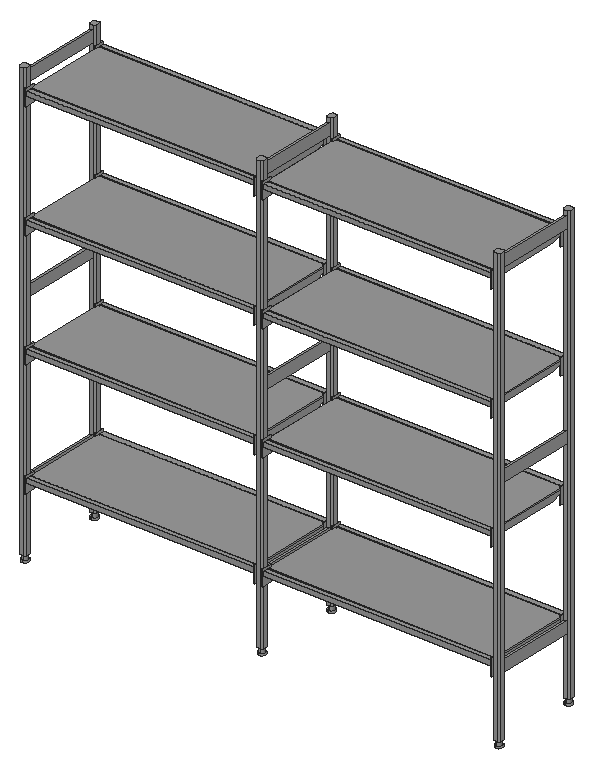
Revit family "QF_ELECTROLUXPROFESSIONAL_137022_ALS1872", category Attrezzature speciali, Revit 2020
Family settings
  Quota connettore circolare = Usa diametro
  Tipo di parte = Normale
  Basato su piano di lavoro = No
  Sempre verticale = Sì
  Taglio con vuoti quando caricato = No
  Condiviso = No
  Punto di calcolo locali = No
Parameters (values of type "Standard")
  Weight = 33.00 kg
  Watts = 0 W
  Volts = 0 V
  URL Manufacturer = "https://www.electroluxprofessional.com/"
  URL = "https://www.electroluxprofessional.com/"
  Steam Supply Size = 0 mm
  Steam Supply Minimum Pressure = 0.0 Pa
  Steam Supply Maximum Pressure = 0.0 Pa
  Steam Consumption per Hour = 0
  Refrigeration Suction Line Size = 0.0 mm
  Refrigeration Liquid Line Size = 0.0 mm
  Refrigerant Compressor Remote = yes
  Prospetto di default = 0.0 mm
  Phase = 0
  Modello = "ALS1872"
  Produttore = "Electrolux Professional"
  Length Actual = 1872.0 mm  # constant formula
  Item Number = "137022"
  Hot Water Size = 0 mm
  Height Actual = 1700.0 mm  # constant formula
  HP = "0 HP"
  Gas Size = 0 mm
  Gas KW = 0
  Gas Input Pressure = 0 W
  Direct Waste Size = 0 mm
  Descrizione = "ALUM.LINEAR SHELV.-POLY.TIERS-373X1872MM"
  Depth Actual = 373.0 mm  # constant formula
  Cycle = 0 Hz
  Condensate Return Size = 0 mm
  Compressed Air Volume = 0.0 L/s
  Compressed Air Size = 0 mm
  Compressed Air Pressure = 0.0 Pa
  Cold Water Size = 0 mm
  Accessory = yes
Reference planes
  plane 1: z = 0
  plane 2 "CenterLeft": x = -31
  plane 3 "LEFT": x = -417
  plane 4 "BACK": y = 23
  plane 5 "FRONT": y = -350
  plane 6 "TOP": z = 1700
  plane 7: x = -385
  plane 8: x = 501
  plane 9 "Center (Front/Back)": y = -163.5
  plane 10: y = -8.5
  plane 11: y = -318.5
  plane 12 "FEET": z = 25
  plane 13: z = 275
  plane 14: z = 725
  plane 15: z = 1175
  plane 16: z = 1625
  plane 17 "CXLeft": x = -403
  plane 18 "Center (Left/Right)": x = 519
  plane 19: y = 5.5
  plane 20 "CYBack": y = 5.5
  plane 21 "CYFront": y = -332.5
  plane 22 "RIGHT": x = 1455
  plane 23: x = 1423
  plane 24 "CXRight": x = 1441
  plane 25: x = 537
Forms (mm)
  Extrusion 1, solid, material "QF_Aluminum"
    sketch origin (-417, 0, -4.006) x (0, 1, 0) y (0, 0, 1)
      loop
        line (-12, 1637.003) -> (4, 1637.003) -> (4, 1655) -> (2.007, 1655) -> (2.007, 1648.501) -> (-329, 1648.501) -> (-329, 1655) -> (-331, 1655) -> (-331, 1637.003) -> (-315, 1637.003) -> (-281, 1625) -> (-46, 1625) -> (-12, 1637.003)
      loop
        line (-12, 1187.003) -> (4, 1187.003) -> (4, 1205) -> (2.007, 1205) -> (2.007, 1198.501) -> (-329, 1198.501) -> (-329, 1205) -> (-331, 1205) -> (-331, 1187.003) -> (-315, 1187.003) -> (-281, 1175) -> (-46, 1175) -> (-12, 1187.003)
      loop
        line (-12, 737.003) -> (4, 737.003) -> (4, 755) -> (2.007, 755) -> (2.007, 748.501) -> (-329, 748.501) -> (-329, 755) -> (-331, 755) -> (-331, 737.003) -> (-315, 737.003) -> (-281, 725) -> (-46, 725) -> (-12, 737.003)
      loop
        line (-12, 287.003) -> (4, 287.003) -> (4, 305) -> (2.007, 305) -> (2.007, 298.501) -> (-329, 298.501) -> (-329, 305) -> (-331, 305) -> (-331, 287.003) -> (-315, 287.003) -> (-281, 275) -> (-46, 275) -> (-12, 287.003)
    from 37 to 32
  Extrusion 2, solid, material "QF_Aluminum"
    sketch origin (-417, 0, 0) x (0, 1, 0) y (0, 0, 1)
      loop
        line (23, 246.005) -> (23, 307.993) -> (-12.993, 307.993) -> (-12.993, 246.005) -> (23, 246.005)
      loop
        line (-350, 246.005) -> (-314.007, 246.005) -> (-314.007, 307.993) -> (-350, 307.993) -> (-350, 246.005)
      loop
        line (23, 696.005) -> (23, 757.993) -> (-12.993, 757.993) -> (-12.993, 696.005) -> (23, 696.005)
      loop
        line (-350, 696.005) -> (-314.007, 696.005) -> (-314.007, 757.993) -> (-350, 757.993) -> (-350, 696.005)
      loop
        line (23, 1146.005) -> (23, 1207.993) -> (-12.993, 1207.993) -> (-12.993, 1146.005) -> (23, 1146.005)
      loop
        line (-350, 1146.005) -> (-314.007, 1146.005) -> (-314.007, 1207.993) -> (-350, 1207.993) -> (-350, 1146.005)
      loop
        line (23, 1596.005) -> (23, 1657.993) -> (-12.993, 1657.993) -> (-12.993, 1596.005) -> (23, 1596.005)
      loop
        line (-350, 1596.005) -> (-314.007, 1596.005) -> (-314.007, 1657.993) -> (-350, 1657.993) -> (-350, 1596.005)
    from 28 to 32
  Extrusion 3, solid, material "QF_Aluminum"
    sketch origin (-417, 0, 0) x (0, 1, 0) y (0, 0, 1)
      loop
        line (4, 1650.994) -> (4, 1632.998) -> (23, 1632.998) -> (23, 1650.994) -> (4, 1650.994)
      loop
        line (-331, 1650.994) -> (-350, 1650.994) -> (-350, 1632.998) -> (-331, 1632.998) -> (-331, 1650.994)
      loop
        line (4, 1200.994) -> (4, 1182.998) -> (23, 1182.998) -> (23, 1200.994) -> (4, 1200.994)
      loop
        line (-331, 1200.994) -> (-350, 1200.994) -> (-350, 1182.998) -> (-331, 1182.998) -> (-331, 1200.994)
      loop
        line (4, 750.994) -> (4, 732.998) -> (23, 732.998) -> (23, 750.994) -> (4, 750.994)
      loop
        line (-331, 750.994) -> (-350, 750.994) -> (-350, 732.998) -> (-331, 732.998) -> (-331, 750.994)
      loop
        line (4, 300.994) -> (4, 282.998) -> (23, 282.998) -> (23, 300.994) -> (4, 300.994)
      loop
        line (-331, 300.994) -> (-350, 300.994) -> (-350, 282.998) -> (-331, 282.998) -> (-331, 300.994)
    from 32 to 918
  Extrusion 4, solid, material "QF_Polyethylene"
    sketch origin (-417, 0, 0) x (0, 1, 0) y (0, 0, 1)
      loop
        line (2.007, 1650.994) -> (-329, 1650.994) -> (-329, 1644.496) -> (2.007, 1644.496) -> (2.007, 1650.994)
      loop
        line (2.007, 1200.994) -> (-329, 1200.994) -> (-329, 1194.496) -> (2.007, 1194.496) -> (2.007, 1200.994)
      loop
        line (2.007, 750.994) -> (-329, 750.994) -> (-329, 744.496) -> (2.007, 744.496) -> (2.007, 750.994)
      loop
        line (2.007, 300.994) -> (-329, 300.994) -> (-329, 294.496) -> (2.007, 294.496) -> (2.007, 300.994)
    from 32 to 918
  Extrusion 5, solid, material "QF_Aluminum"
    sketch origin (1455, 0, 0) x (0, 1, 0) y (0, 0, 1)
      loop
        line (4, 1650.994) -> (4, 1632.998) -> (23, 1632.998) -> (23, 1650.994) -> (4, 1650.994)
      loop
        line (-331, 1650.994) -> (-350, 1650.994) -> (-350, 1632.998) -> (-331, 1632.998) -> (-331, 1650.994)
      loop
        line (4, 1200.994) -> (4, 1182.998) -> (23, 1182.998) -> (23, 1200.994) -> (4, 1200.994)
      loop
        line (-331, 1200.994) -> (-350, 1200.994) -> (-350, 1182.998) -> (-331, 1182.998) -> (-331, 1200.994)
      loop
        line (4, 750.994) -> (4, 732.998) -> (23, 732.998) -> (23, 750.994) -> (4, 750.994)
      loop
        line (-331, 750.994) -> (-350, 750.994) -> (-350, 732.998) -> (-331, 732.998) -> (-331, 750.994)
      loop
        line (4, 300.994) -> (4, 282.998) -> (23, 282.998) -> (23, 300.994) -> (4, 300.994)
      loop
        line (-331, 300.994) -> (-350, 300.994) -> (-350, 282.998) -> (-331, 282.998) -> (-331, 300.994)
    from -32 to -918
  Extrusion 6, solid, material "QF_Polyethylene"
    sketch origin (1455, 0, 0) x (0, 1, 0) y (0, 0, 1)
      loop
        line (2.007, 1650.994) -> (-329, 1650.994) -> (-329, 1644.496) -> (2.007, 1644.496) -> (2.007, 1650.994)
      loop
        line (2.007, 1200.994) -> (-329, 1200.994) -> (-329, 1194.496) -> (2.007, 1194.496) -> (2.007, 1200.994)
      loop
        line (2.007, 750.994) -> (-329, 750.994) -> (-329, 744.496) -> (2.007, 744.496) -> (2.007, 750.994)
      loop
        line (2.007, 300.994) -> (-329, 300.994) -> (-329, 294.496) -> (2.007, 294.496) -> (2.007, 300.994)
    from -32 to -918
Lines and regions (mm)
  symbolic lines
    curve 1: line (501, 4, 1700) -> (-385, 4, 1700)
    curve 2: line (-408, -8.5, 1700) -> (-408, -318.5, 1700)
    curve 3: line (-398, -318.5, 1700) -> (-398, -8.5, 1700)
    curve 4: line (-389, 23, 1700) -> (505, 23, 1700)
    curve 5: line (-385, -350, 1700) -> (501, -350, 1700)
    curve 6: line (533, 23, 1700) -> (1427, 23, 1700)
    curve 7: line (533, -350, 1700) -> (1427, -350, 1700)
    curve 8: line (-385, -331, 1700) -> (501, -331, 1700)
    curve 9: line (537, -331, 1700) -> (1423, -331, 1700)
    curve 10: line (537, 4, 1700) -> (1423, 4, 1700)
    curve 11: line (1423, -12.993, 1700) -> (1423, -314.007, 1700)
    curve 12: line (501, -12.993, 1700) -> (501, -314.007, 1700)
    curve 13: line (537, -314.007, 1700) -> (537, -12.993, 1700)
    curve 14: line (-385, -12.993, 1700) -> (-385, -314.007, 1700)
Dimensions and locks
  plane 3 "LEFT" to plane 2 "CenterLeft" = 386.0 mm
  locked: plane 6 "TOP" to level at 1700
  locked: plane 4 "BACK" to plane 5 "FRONT" at 373
  locked: plane 7 to plane 8 at 886
  locked: plane 10 to plane 11 at 310
  equal spacing: plane 10, plane 9 "Center (Front/Back)", plane 11
  equal spacing: plane 4 "BACK", plane 9 "Center (Front/Back)", plane 5 "FRONT"
  plane 12 "FEET" to level = 25.0 mm
  plane 6 "TOP" to plane 12 "FEET" = 1675.0 mm
  plane 13 to plane 12 "FEET" = 250.0 mm
  plane 14 to plane 13 = 450.0 mm
  plane 15 to plane 14 = 450.0 mm
  plane 16 to plane 15 = 450.0 mm
  locked: plane 4 "BACK" to plane 20 "CYBack" at 17.5
  locked: plane 21 "CYFront" to plane 5 "FRONT" at 17.5
  locked: plane 4 "BACK" to Extrusion 1 at 19
  locked: Extrusion 1 to plane 5 "FRONT" at 19
  Extrusion 1 sketch curve to plane 21 "CYFront" = 3.5 mm
  plane 3 "LEFT" to plane 22 "RIGHT" = 1872.0 mm
  locked: plane 25 to plane 23 at 886
  locked: plane 8 to plane 18 "Center (Left/Right)" at 18
  locked: plane 18 "Center (Left/Right)" to plane 25 at 18
  locked: plane 3 "LEFT" to plane 7 at 32
  locked: plane 24 "CXRight" to plane 22 "RIGHT" at 14
  aligned and locked: level to plane 1
  aligned and locked: plane 7 to Extrusion 1
  aligned and locked: Extrusion 2 to plane 7
  aligned and locked: plane 7 to Extrusion 4
  aligned and locked: Extrusion 4 to plane 8
  aligned and locked: plane 7 to Extrusion 3
  aligned and locked: Extrusion 3 to plane 8
  aligned and locked: Extrusion 3 sketch curve to Extrusion 1
  aligned and locked: Extrusion 1 to Extrusion 3 sketch curve
  aligned and locked: Extrusion 3 sketch curve to Extrusion 3 sketch curve  (x2)
  aligned and locked: Extrusion 1 sketch curve to Extrusion 1 sketch curve  (x3)
  aligned and locked: Extrusion 4 sketch curve to Extrusion 1  (x4)
  aligned and locked: Extrusion 5 sketch curve to Extrusion 5 sketch curve  (x2)
  aligned and locked: Extrusion 5 to plane 25
  aligned and locked: Extrusion 6 to plane 25
  aligned and locked: plane 18 "Center (Left/Right)" to nested 3
  aligned and locked: plane 17 "CXLeft" to nested 1
  aligned and locked: Extrusion 3 to plane 7  (x3)
  aligned and locked: plane 8 to Extrusion 3  (x4)
  aligned and locked: plane 25 to Extrusion 5  (x4)
  aligned and locked: plane 25 to Extrusion 6  (x4)
  aligned and locked: plane 8 to Extrusion 4  (x4)
  aligned and locked: plane 24 "CXRight" to nested 2
  aligned and locked: Extrusion 5 to plane 23
  aligned and locked: Extrusion 6 to plane 23
  aligned and locked: plane 23 to Extrusion 5  (x3)
  aligned and locked: plane 23 to Extrusion 6  (x3)
Automatic sketch dimensions
  plane 21 "CYFront" to Extrusion 1 sketch curve = 1.5 mm  (x4)
  plane 11 to Extrusion 1 sketch curve = 3.5 mm  (x4)
  Extrusion 1 sketch curve to plane 13 = 4.006 mm
  Extrusion 1 sketch curve to Extrusion 1 sketch curve = 34.0 mm  (x4)
  Extrusion 1 sketch curve to plane 14 = 4.006 mm
  Extrusion 1 sketch curve to plane 15 = 4.006 mm
  Extrusion 1 sketch curve to plane 16 = 4.006 mm
  Extrusion 1 sketch curve to plane 10 = 37.5 mm  (x4)
  Extrusion 1 sketch curve to plane 10 = 3.5 mm  (x4)
  plane 19 to Extrusion 1 sketch curve = 3.493 mm  (x4)
  plane 19 to Extrusion 1 sketch curve = 1.5 mm  (x4)
  plane 13 to Extrusion 1 sketch curve = 7.998 mm  (x2)
  Extrusion 1 sketch curve to Extrusion 1 sketch curve = 11.498 mm  (x4)
  Extrusion 1 sketch curve to Extrusion 1 sketch curve = 6.499 mm  (x8)
  plane 14 to Extrusion 1 sketch curve = 7.998 mm  (x2)
  plane 15 to Extrusion 1 sketch curve = 7.998 mm  (x2)
  plane 16 to Extrusion 1 sketch curve = 7.998 mm  (x2)
  Extrusion 2 sketch curve to plane 5 "FRONT" = 0.0 mm  (x4)
  Extrusion 2 sketch curve to plane 4 "BACK" = 0.0 mm  (x4)
  plane 11 to Extrusion 2 sketch curve = 4.493 mm  (x4)
  Extrusion 2 sketch curve to plane 10 = 4.493 mm  (x4)
  Extrusion 2 sketch curve to plane 13 = 28.995 mm  (x2)
  plane 13 to Extrusion 2 sketch curve = 32.993 mm  (x2)
  Extrusion 2 sketch curve to plane 14 = 28.995 mm  (x2)
  plane 14 to Extrusion 2 sketch curve = 32.993 mm  (x2)
  Extrusion 2 sketch curve to plane 15 = 28.995 mm  (x2)
  plane 15 to Extrusion 2 sketch curve = 32.993 mm  (x2)
  Extrusion 2 sketch curve to plane 16 = 28.995 mm  (x2)
  plane 16 to Extrusion 2 sketch curve = 32.993 mm  (x2)
  Extrusion 3 sketch curve to plane 5 "FRONT" = 0.0 mm  (x4)
  Extrusion 3 sketch curve to plane 4 "BACK" = 0.0 mm  (x4)
  plane 19 to Extrusion 3 sketch curve = 1.5 mm  (x4)
  plane 13 to Extrusion 3 sketch curve = 7.998 mm  (x2)
  Extrusion 3 sketch curve to Extrusion 3 sketch curve = 17.997 mm  (x8)
  plane 14 to Extrusion 3 sketch curve = 7.998 mm  (x2)
  plane 15 to Extrusion 3 sketch curve = 7.998 mm  (x2)
  plane 16 to Extrusion 3 sketch curve = 7.998 mm  (x2)
  plane 19 to Extrusion 4 sketch curve = 3.493 mm  (x4)
  plane 13 to Extrusion 4 sketch curve = 19.496 mm
  Extrusion 4 sketch curve to Extrusion 4 sketch curve = 6.499 mm  (x4)
  plane 14 to Extrusion 4 sketch curve = 19.496 mm
  plane 15 to Extrusion 4 sketch curve = 19.496 mm
  plane 16 to Extrusion 4 sketch curve = 19.496 mm
  Extrusion 5 sketch curve to plane 5 "FRONT" = 0.0 mm  (x4)
  Extrusion 5 sketch curve to plane 4 "BACK" = 0.0 mm  (x4)
  plane 21 "CYFront" to Extrusion 5 sketch curve = 1.5 mm  (x2)
  plane 19 to Extrusion 5 sketch curve = 1.5 mm  (x4)
  plane 13 to Extrusion 5 sketch curve = 7.998 mm  (x2)
  Extrusion 5 sketch curve to Extrusion 5 sketch curve = 17.997 mm  (x8)
  plane 14 to Extrusion 5 sketch curve = 7.998 mm  (x2)
  plane 15 to Extrusion 5 sketch curve = 7.998 mm  (x2)
  plane 16 to Extrusion 5 sketch curve = 7.998 mm  (x2)
  plane 21 "CYFront" to Extrusion 6 sketch curve = 3.5 mm  (x4)
  plane 19 to Extrusion 6 sketch curve = 3.493 mm  (x4)
  plane 13 to Extrusion 6 sketch curve = 19.496 mm
  Extrusion 6 sketch curve to Extrusion 6 sketch curve = 6.499 mm  (x4)
  plane 14 to Extrusion 6 sketch curve = 19.496 mm
  plane 15 to Extrusion 6 sketch curve = 19.496 mm
  plane 16 to Extrusion 6 sketch curve = 19.496 mm
  curve 7 to plane 5 "FRONT" = 0.0 mm
  curve 5 to plane 5 "FRONT" = 0.0 mm
  curve 8 to plane 8 = 0.0 mm
  curve 9 to plane 25 = 0.0 mm
  curve 9 to plane 23 = 0.0 mm
  curve 8 to plane 7 = 0.0 mm
  curve 2 to plane 11 = 0.0 mm
  curve 3 to plane 11 = 0.0 mm
  curve 14 to plane 7 = 0.0 mm
  curve 13 to plane 25 = 0.0 mm
  curve 12 to plane 8 = 0.0 mm
  curve 11 to plane 23 = 0.0 mm
  curve 3 to plane 10 = 0.0 mm
  curve 2 to plane 10 = 0.0 mm
  curve 1 to plane 8 = 0.0 mm
  curve 1 to plane 7 = 0.0 mm
  curve 10 to plane 23 = 0.0 mm
  curve 10 to plane 25 = 0.0 mm
  curve 4 to plane 4 "BACK" = 0.0 mm
  curve 6 to plane 4 "BACK" = 0.0 mm
  curve 5 to plane 8 = 0.0 mm
  curve 5 to plane 7 = 0.0 mm
  plane 21 "CYFront" to curve 8 = 1.5 mm
  plane 21 "CYFront" to curve 9 = 1.5 mm
  plane 11 to curve 14 = 4.493 mm
  plane 11 to curve 13 = 4.493 mm
  plane 11 to curve 12 = 4.493 mm
  plane 11 to curve 11 = 4.493 mm
  curve 14 to plane 10 = 4.493 mm
  curve 13 to plane 10 = 4.493 mm
  curve 12 to plane 10 = 4.493 mm
  curve 11 to plane 10 = 4.493 mm
  plane 19 to curve 1 = 1.5 mm
  plane 19 to curve 10 = 1.5 mm
  curve 6 to plane 23 = 4.0 mm
  curve 7 to plane 23 = 4.0 mm
  curve 6 to plane 25 = 4.0 mm
  curve 7 to plane 25 = 4.0 mm
  curve 4 to plane 8 = 4.0 mm
  plane 7 to curve 4 = 4.0 mm
  plane 17 "CXLeft" to curve 3 = 5.0 mm
  curve 2 to plane 17 "CXLeft" = 5.0 mm
Nested families
  nested 1: "WT_Anta373" at (0, 0, 0), type "WT_Anta373"
  nested 2: "WT_Anta373" at (1038, 0, 0) x (-1, 0, 0) z (0, 0, 1), type "WT_Anta373"
  nested 3: "WT_Anta373Center" at (922, 0, 0), type "WT_Anta373Center"
Definition of nested family "WT_Anta373"
  Parameters
    WidthLeft = A + 64.0 mm  # 772.0 mm
    Width = 1606.0 mm
    Right = WidthLeft / 2  # 386.0 mm
    Default Elevation = 0.0 mm
    Left = -WidthLeft / 2  # -386.0 mm
    Height = 1725.0 mm
    FEET = 25.0 mm
    E = 0.0 mm
    Dint = Depth - 63.0 mm  # 310.0 mm
    Dext = Depth - 8.0 mm  # 365.0 mm
    Depth = 373.0 mm
    DX = (WidthLeft - A) / 2  # 32.0 mm
    B = 798.0 mm
    A = 708.0 mm
  Reference planes
    plane 1: z = 0
    plane 2 "LEFT": x = -417
    plane 3 "BACK": y = 23
    plane 4 "FRONT": y = -350
    plane 5 "TOP": z = 1725
    plane 6 "Center (Front/Back)": y = -163.5
    plane 7: y = -8.5
    plane 8: y = -318.5
    plane 9 "FEET": z = 25
    plane 10: z = 275
    plane 11: z = 725
    plane 12: z = 1175
    plane 13: z = 1625
    plane 14 "CXLeft": x = -403
    plane 15: y = 5.5
    plane 16 "CYBack": y = 5.5
    plane 17 "CYFront": y = -332.5
    plane 18: x = -385.031
    plane 19: x = -380.031
  Forms (mm)
    Extrusion 1, solid
      sketch origin (0, 0, 0) x (1, 0, 0) y (0, 1, 0)
        loop
          line (-417, 13.246) -> (-417, -2.246) -> (-410.746, -8.5) -> (-395.254, -8.5) -> (-389, -2.246) -> (-389, 13.246) -> (-395.254, 19.5) -> (-410.746, 19.5) -> (-417, 13.246)
      from 1725 to 25
    Extrusion 2, solid
      sketch origin (-417, 0, 0) x (0, 1, 0) y (0, 0, 1)
        loop
          line (23, 246.005) -> (23, 307.993) -> (-12.993, 307.993) -> (-12.993, 246.005) -> (23, 246.005)
        loop
          line (-350, 246.005) -> (-314.007, 246.005) -> (-314.007, 307.993) -> (-350, 307.993) -> (-350, 246.005)
        loop
          line (23, 696.005) -> (23, 757.993) -> (-12.993, 757.993) -> (-12.993, 696.005) -> (23, 696.005)
        loop
          line (-350, 696.005) -> (-314.007, 696.005) -> (-314.007, 757.993) -> (-350, 757.993) -> (-350, 696.005)
        loop
          line (23, 1146.005) -> (23, 1207.993) -> (-12.993, 1207.993) -> (-12.993, 1146.005) -> (23, 1146.005)
        loop
          line (-350, 1146.005) -> (-314.007, 1146.005) -> (-314.007, 1207.993) -> (-350, 1207.993) -> (-350, 1146.005)
        loop
          line (23, 1596.005) -> (23, 1657.993) -> (-12.993, 1657.993) -> (-12.993, 1596.005) -> (23, 1596.005)
        loop
          line (-350, 1596.005) -> (-314.007, 1596.005) -> (-314.007, 1657.993) -> (-350, 1657.993) -> (-350, 1596.005)
      from 28 to 32
    Revolve 3, solid
      sketch origin (-403, 0, 0) x (0, 1, 0) y (0, 0, 1)
        loop
          line (5.5, 25) -> (5.5, 0) -> (19, 0) -> (19, 5) -> (14, 5) -> (14, 25) -> (5.5, 25)
        axis (5.5, 25) -> (5.5, 0)
      angle from 0 to 360
    Extrusion 4, solid
      sketch origin (-403, 0, 0) x (0, 1, 0) y (0, 0, 1)
        loop
          line (-8.5, 912.382) -> (-8.5, 957.374) -> (-318.5, 957.374) -> (-318.5, 912.382) -> (-8.5, 912.382)
        loop
          line (-8.5, 1662.244) -> (-8.5, 1707.236) -> (-318.5, 1707.236) -> (-318.5, 1662.244) -> (-8.5, 1662.244)
      from -5 to 5
    Revolve 5, solid
      sketch origin (-403, -627, 0) x (0, -1, 0) y (0, 0, 1)
        loop
          line (-294.5, 25) -> (-294.5, 0) -> (-281, 0) -> (-281, 5) -> (-286, 5) -> (-286, 25) -> (-294.5, 25)
        axis (-294.5, 25) -> (-294.5, 0)
      angle from 0 to 360
    Extrusion 6, solid
      sketch origin (0, -627, 0) x (1, 0, 0) y (0, 1, 0)
        loop
          line (-417, 286.754) -> (-410.746, 280.5) -> (-395.254, 280.5) -> (-389, 286.754) -> (-389, 302.246) -> (-395.254, 308.5) -> (-410.746, 308.5) -> (-417, 302.246) -> (-417, 286.754)
      from 1725 to 25
    Extrusion 7, solid
      sketch origin (-417.031, -0.022, 0) x (0, 1, 0) y (0, 0, -1)
        loop
          line (-12, -1632.998) -> (-46, -1620.994) -> (-281, -1620.994) -> (-315, -1632.998) -> (-331, -1632.998) -> (-331, -1650.994) -> (-329, -1650.994) -> (-329, -1644.496) -> (2.007, -1644.496) -> (2.007, -1650.994) -> (4, -1650.994) -> (4, -1632.998) -> (-12, -1632.998)
        loop
          line (-12, -1182.998) -> (-46, -1170.994) -> (-281, -1170.994) -> (-315, -1182.998) -> (-331, -1182.998) -> (-331, -1200.994) -> (-329, -1200.994) -> (-329, -1194.496) -> (2.007, -1194.496) -> (2.007, -1200.994) -> (4, -1200.994) -> (4, -1182.998) -> (-12, -1182.998)
        loop
          line (-12, -732.998) -> (-46, -720.994) -> (-281, -720.994) -> (-315, -732.998) -> (-331, -732.998) -> (-331, -750.994) -> (-329, -750.994) -> (-329, -744.496) -> (2.007, -744.496) -> (2.007, -750.994) -> (4, -750.994) -> (4, -732.998) -> (-12, -732.998)
        loop
          line (-12, -282.998) -> (-46, -270.994) -> (-281, -270.994) -> (-315, -282.998) -> (-331, -282.998) -> (-331, -300.994) -> (-329, -300.994) -> (-329, -294.496) -> (2.007, -294.496) -> (2.007, -300.994) -> (4, -300.994) -> (4, -282.998) -> (-12, -282.998)
      from -32 to -37
    Extrusion 8, solid
      sketch origin (-403, 0, -659.878) x (0, 1, 0) y (0, 0, 1)
        loop
          line (-8.5, 912.382) -> (-8.5, 957.374) -> (-318.5, 957.374) -> (-318.5, 912.382) -> (-8.5, 912.382)
        loop
          line (-8.5, 1572.382) -> (-8.5, 1617.374) -> (-318.5, 1617.374) -> (-318.5, 1572.382) -> (-8.5, 1572.382)
        loop
          line (-8.5, 2322.382) -> (-8.5, 2367.374) -> (-318.5, 2367.374) -> (-318.5, 2322.382) -> (-8.5, 2322.382)
      from -5 to 5
  Lines and regions (mm)
    symbolic lines
      curve 1: line (-408, -8.5, 1725) -> (-408, -318.5, 1725)
      curve 2: line (-398, -318.5, 1725) -> (-398, -8.5, 1725)
      curve 3: line (-395.254, -8.5, 1725) -> (-410.746, -8.5, 1725)
      curve 4: line (-417, -2.246, 1725) -> (-410.746, -8.5, 1725)
      curve 5: line (-417, 13.246, 1725) -> (-417, -2.246, 1725)
      curve 6: line (-410.746, 19.5, 1725) -> (-417, 13.246, 1725)
      curve 7: line (-395.254, 19.5, 1725) -> (-410.746, 19.5, 1725)
      curve 8: line (-389, 13.246, 1725) -> (-395.254, 19.5, 1725)
      curve 9: line (-395.254, -8.5, 1725) -> (-389, -2.246, 1725)
      curve 10: line (-395.254, -318.5, 1725) -> (-410.746, -318.5, 1725)
      curve 11: line (-417, -324.754, 1725) -> (-410.746, -318.5, 1725)
      curve 12: line (-410.746, -346.5, 1725) -> (-417, -340.246, 1725)
      curve 13: line (-395.254, -346.5, 1725) -> (-410.746, -346.5, 1725)
      curve 14: line (-389, -340.246, 1725) -> (-395.254, -346.5, 1725)
      curve 15: line (-395.254, -318.5, 1725) -> (-389, -324.754, 1725)
      curve 16: line (-389, -350, 1725) -> (-389, -314.007, 1725)
      curve 17: line (-389, -314.007, 1725) -> (-385, -314.007, 1725)
      curve 18: line (-389, 23, 1725) -> (-389, -12.993, 1725)
      curve 19: line (-389, -12.993, 1725) -> (-385, -12.993, 1725)
      curve 20: line (-417, -324.754, 1725) -> (-417, -340.246, 1725)
      curve 21: line (-385, -350, 1725) -> (-385, -314.007, 1725)
      curve 22: line (-385, -350, 1725) -> (-389, -350, 1725)
      curve 23: line (-385, 23, 1725) -> (-389, 23, 1725)
      curve 24: line (-385, -12.993, 1725) -> (-385, 23, 1725)
      curve 25: line (-385.031, -13.016, 1725) -> (-385.031, -314.029, 1725)
  Dimensions and locks
    "Height": plane 5 "TOP" to level
    "Depth": plane 3 "BACK" to plane 4 "FRONT"
    "Dint": plane 7 to plane 8
    equal spacing: plane 7, plane 6 "Center (Front/Back)", plane 8
    equal spacing: plane 3 "BACK", plane 6 "Center (Front/Back)", plane 4 "FRONT"
    plane 9 "FEET" to level = 25.0 mm
    plane 5 "TOP" to plane 9 "FEET" = 1700.0 mm
    plane 10 to plane 9 "FEET" = 250.0 mm
    plane 11 to plane 10 = 450.0 mm
    plane 12 to plane 11 = 450.0 mm
    plane 13 to plane 12 = 450.0 mm
    locked: plane 2 "LEFT" to plane 14 "CXLeft" at 14
    locked: plane 3 "BACK" to plane 16 "CYBack" at 17.5
    locked: plane 17 "CYFront" to plane 4 "FRONT" at 17.5
    locked: Revolve 3 sketch curve to Revolve 3 sketch curve at 8.5
    locked: Revolve 3 sketch curve to plane 16 "CYBack" at 13.5
    locked: Revolve 5 sketch curve to Revolve 5 sketch curve at 8.5
    aligned and locked: level to plane 1
    aligned and locked: curve 20 to Extrusion 6
    aligned and locked: plane 5 "TOP" to Extrusion 1
    aligned and locked: plane 5 "TOP" to Extrusion 6
    aligned and locked: Extrusion 7 sketch curve to Extrusion 7 sketch curve  (x3)
  Automatic sketch dimensions
    curve 16 to plane 4 "FRONT" = 0.0 mm
    curve 11 to plane 8 = 0.0 mm
    curve 9 to plane 7 = 0.0 mm
    curve 5 to plane 2 "LEFT" = 0.0 mm
    curve 23 to plane 3 "BACK" = 0.0 mm
    plane 4 "FRONT" to curve 13 = 3.5 mm
    curve 20 to plane 17 "CYFront" = 7.746 mm
    curve 20 to plane 8 = 6.254 mm
    plane 8 to curve 16 = 4.493 mm
    curve 24 to plane 18 = 0.031 mm
    curve 24 to plane 7 = 4.493 mm
    plane 7 to curve 5 = 6.254 mm
    curve 5 to plane 15 = 7.746 mm
    curve 6 to plane 3 "BACK" = 3.5 mm
    curve 21 to plane 18 = 0.031 mm
    plane 18 to curve 23 = 3.969 mm
    plane 18 to curve 16 = 3.969 mm
    curve 18 to curve 8 = 6.254 mm
    curve 18 to curve 3 = 6.254 mm
    curve 16 to curve 13 = 6.254 mm
    curve 16 to curve 15 = 6.254 mm
    plane 2 "LEFT" to curve 10 = 6.254 mm
    plane 2 "LEFT" to curve 7 = 6.254 mm
    plane 2 "LEFT" to curve 12 = 6.254 mm
    plane 2 "LEFT" to curve 3 = 6.254 mm
    curve 14 to plane 17 "CYFront" = 7.746 mm
    curve 15 to plane 8 = 6.254 mm
    plane 7 to curve 9 = 6.254 mm
    curve 8 to plane 15 = 7.746 mm
    curve 3 to curve 2 = 2.746 mm
    curve 1 to curve 10 = 2.746 mm
    Extrusion 1 sketch curve to plane 2 "LEFT" = 0.0 mm
    Extrusion 1 sketch curve to plane 7 = 0.0 mm
    plane 2 "LEFT" to Extrusion 1 sketch curve = 6.254 mm  (x2)
    plane 14 "CXLeft" to Extrusion 1 sketch curve = 7.746 mm  (x2)
    Extrusion 1 sketch curve to plane 3 "BACK" = 3.5 mm
    plane 18 to Extrusion 1 sketch curve = 3.969 mm
    plane 7 to Extrusion 1 sketch curve = 6.254 mm  (x2)
    Extrusion 1 sketch curve to plane 15 = 7.746 mm  (x2)
    Extrusion 2 sketch curve to plane 4 "FRONT" = 0.0 mm  (x4)
    Extrusion 2 sketch curve to plane 3 "BACK" = 0.0 mm  (x4)
    plane 8 to Extrusion 2 sketch curve = 4.493 mm  (x4)
    Extrusion 2 sketch curve to plane 7 = 4.493 mm  (x4)
    Extrusion 2 sketch curve to plane 10 = 28.995 mm  (x2)
    plane 10 to Extrusion 2 sketch curve = 32.993 mm  (x2)
    Extrusion 2 sketch curve to plane 11 = 28.995 mm  (x2)
    plane 11 to Extrusion 2 sketch curve = 32.993 mm  (x2)
    Extrusion 2 sketch curve to plane 12 = 28.995 mm  (x2)
    plane 12 to Extrusion 2 sketch curve = 32.993 mm  (x2)
    Extrusion 2 sketch curve to plane 13 = 28.995 mm  (x2)
    plane 13 to Extrusion 2 sketch curve = 32.993 mm  (x2)
    Revolve 3 sketch curve to plane 9 "FEET" = 0.0 mm  (x2)
    Revolve 3 sketch curve to plane 15 = 0.0 mm  (x2)
    Revolve 3 sketch curve to level = 0.0 mm
    level to Revolve 3 sketch curve = 5.0 mm
    Revolve 3 sketch curve to Revolve 3 sketch curve = 11.655 mm
    Extrusion 4 sketch curve to plane 8 = 0.0 mm  (x2)
    Extrusion 4 sketch curve to plane 7 = 0.0 mm  (x2)
    plane 11 to Extrusion 4 sketch curve = 187.382 mm
    Extrusion 4 sketch curve to Extrusion 4 sketch curve = 44.992 mm
    plane 13 to Extrusion 4 sketch curve = 37.244 mm
    Extrusion 4 sketch curve to plane 5 "TOP" = 17.764 mm
    Revolve 5 sketch curve to plane 9 "FEET" = 0.0 mm  (x2)
    Revolve 5 sketch curve to plane 17 "CYFront" = 0.0 mm  (x2)
    Revolve 5 sketch curve to level = 0.0 mm
    Revolve 5 sketch curve to plane 4 "FRONT" = 4.0 mm
    Revolve 5 sketch curve to Revolve 5 sketch curve = 5.0 mm
    level to Revolve 5 sketch curve = 11.655 mm
    Extrusion 6 sketch curve to plane 2 "LEFT" = 0.0 mm
    Extrusion 6 sketch curve to plane 8 = 0.0 mm
    Extrusion 6 sketch curve to plane 2 "LEFT" = 6.254 mm  (x2)
    Extrusion 6 sketch curve to plane 14 "CXLeft" = 7.746 mm  (x2)
    Extrusion 6 sketch curve to plane 4 "FRONT" = 3.5 mm
    Extrusion 6 sketch curve to plane 18 = 3.969 mm
    plane 8 to Extrusion 6 sketch curve = 6.254 mm  (x2)
    plane 17 "CYFront" to Extrusion 6 sketch curve = 7.746 mm  (x2)
    plane 17 "CYFront" to Extrusion 7 sketch curve = 1.478 mm  (x4)
    Extrusion 7 sketch curve to Extrusion 7 sketch curve = 2.0 mm
    plane 8 to Extrusion 7 sketch curve = 3.478 mm  (x4)
    Extrusion 7 sketch curve to plane 10 = 4.006 mm
    Extrusion 7 sketch curve to Extrusion 7 sketch curve = 34.0 mm  (x4)
    Extrusion 7 sketch curve to plane 11 = 4.006 mm
    Extrusion 7 sketch curve to plane 12 = 4.006 mm
    Extrusion 7 sketch curve to plane 13 = 4.006 mm
    Extrusion 7 sketch curve to plane 7 = 37.522 mm  (x4)
    Extrusion 7 sketch curve to plane 7 = 3.522 mm  (x4)
    plane 15 to Extrusion 7 sketch curve = 3.516 mm  (x4)
    plane 15 to Extrusion 7 sketch curve = 1.522 mm  (x4)
    plane 13 to Extrusion 7 sketch curve = 7.998 mm  (x2)
    Extrusion 7 sketch curve to Extrusion 7 sketch curve = 11.498 mm
    Extrusion 7 sketch curve to Extrusion 7 sketch curve = 6.499 mm  (x5)
    plane 12 to Extrusion 7 sketch curve = 25.994 mm  (x2)
    plane 12 to Extrusion 7 sketch curve = 7.998 mm  (x2)
    plane 11 to Extrusion 7 sketch curve = 25.994 mm  (x2)
    plane 11 to Extrusion 7 sketch curve = 7.998 mm  (x2)
    plane 10 to Extrusion 7 sketch curve = 25.994 mm  (x2)
    plane 10 to Extrusion 7 sketch curve = 7.998 mm  (x2)
    curve 25 to plane 18 = 0.0 mm
    plane 8 to curve 25 = 4.471 mm
    curve 25 to plane 7 = 4.516 mm
    Extrusion 8 sketch curve to plane 8 = 0.0 mm  (x3)
    Extrusion 8 sketch curve to plane 7 = 0.0 mm  (x3)
    Extrusion 8 sketch curve to plane 10 = 22.496 mm
    plane 10 to Extrusion 8 sketch curve = 22.496 mm
    plane 11 to Extrusion 8 sketch curve = 187.504 mm
    Extrusion 8 sketch curve to Extrusion 8 sketch curve = 44.992 mm
    plane 13 to Extrusion 8 sketch curve = 37.504 mm
    Extrusion 8 sketch curve to plane 5 "TOP" = 17.504 mm
Definition of nested family "WT_Anta373Center"
  Parameters
    WidthLeft = A + 64.0 mm  # 772.0 mm
    Width = 1606.0 mm
    Right = WidthLeft / 2  # 386.0 mm
    Default Elevation = 0.0 mm
    Left = -WidthLeft / 2  # -386.0 mm
    Height = 1725.0 mm
    FEET = 25.0 mm
    E = 0.0 mm
    Dint = Depth - 63.0 mm  # 310.0 mm
    Dext = Depth - 8.0 mm  # 365.0 mm
    Depth = 373.0 mm
    DX = (WidthLeft - A) / 2  # 32.0 mm
    B = 798.0 mm
    A = 708.0 mm
  Reference planes
    plane 1: z = 0
    plane 2 "L": x = -417
    plane 3 "BACK": y = 23
    plane 4 "FRONT": y = -350
    plane 5 "TOP": z = 1725
    plane 6 "Center (Front/Back)": y = -163.5
    plane 7: y = -8.5
    plane 8: y = -318.5
    plane 9 "FEET": z = 25
    plane 10: z = 275
    plane 11: z = 725
    plane 12: z = 1175
    plane 13: z = 1625
    plane 14 "CXLeft": x = -403
    plane 15: y = 5.5
    plane 16 "CYBack": y = 5.5
    plane 17 "CYFront": y = -332.5
    plane 18: x = -385.031
    plane 19 "RIGHT": x = -380.031
    plane 20: x = -420.969
    plane 21 "LEFT": x = -425.969
  Forms (mm)
    Extrusion 1, solid
      sketch origin (0, 0, 0) x (1, 0, 0) y (0, 1, 0)
        loop
          line (-417, 13.246) -> (-417, -2.246) -> (-410.746, -8.5) -> (-395.254, -8.5) -> (-389, -2.246) -> (-389, 13.246) -> (-395.254, 19.5) -> (-410.746, 19.5) -> (-417, 13.246)
      from 1725 to 25
    Extrusion 2, solid
      sketch origin (-417, 0, 0) x (0, 1, 0) y (0, 0, 1)
        loop
          line (23, 246.005) -> (23, 307.993) -> (-12.993, 307.993) -> (-12.993, 246.005) -> (23, 246.005)
        loop
          line (-350, 246.005) -> (-314.007, 246.005) -> (-314.007, 307.993) -> (-350, 307.993) -> (-350, 246.005)
        loop
          line (23, 696.005) -> (23, 757.993) -> (-12.993, 757.993) -> (-12.993, 696.005) -> (23, 696.005)
        loop
          line (-350, 696.005) -> (-314.007, 696.005) -> (-314.007, 757.993) -> (-350, 757.993) -> (-350, 696.005)
        loop
          line (23, 1146.005) -> (23, 1207.993) -> (-12.993, 1207.993) -> (-12.993, 1146.005) -> (23, 1146.005)
        loop
          line (-350, 1146.005) -> (-314.007, 1146.005) -> (-314.007, 1207.993) -> (-350, 1207.993) -> (-350, 1146.005)
        loop
          line (23, 1596.005) -> (23, 1657.993) -> (-12.993, 1657.993) -> (-12.993, 1596.005) -> (23, 1596.005)
        loop
          line (-350, 1596.005) -> (-314.007, 1596.005) -> (-314.007, 1657.993) -> (-350, 1657.993) -> (-350, 1596.005)
      from 28 to 32
    Revolve 3, solid
      sketch origin (-403, 0, 0) x (0, 1, 0) y (0, 0, 1)
        loop
          line (5.5, 25) -> (5.5, 0) -> (19, 0) -> (19, 5) -> (14, 5) -> (14, 25) -> (5.5, 25)
        axis (5.5, 25) -> (5.5, 0)
      angle from 0 to 360
    Extrusion 4, solid
      sketch origin (-403, 0, 0) x (0, 1, 0) y (0, 0, 1)
        loop
          line (-8.5, 912.382) -> (-8.5, 957.374) -> (-318.5, 957.374) -> (-318.5, 912.382) -> (-8.5, 912.382)
        loop
          line (-8.5, 1662.244) -> (-8.5, 1707.236) -> (-318.5, 1707.236) -> (-318.5, 1662.244) -> (-8.5, 1662.244)
      from -5 to 5
    Revolve 5, solid
      sketch origin (-403, -627, 0) x (0, -1, 0) y (0, 0, 1)
        loop
          line (-294.5, 25) -> (-294.5, 0) -> (-281, 0) -> (-281, 5) -> (-286, 5) -> (-286, 25) -> (-294.5, 25)
        axis (-294.5, 25) -> (-294.5, 0)
      angle from 0 to 360
    Extrusion 6, solid
      sketch origin (0, -627, 0) x (1, 0, 0) y (0, 1, 0)
        loop
          line (-417, 286.754) -> (-410.746, 280.5) -> (-395.254, 280.5) -> (-389, 286.754) -> (-389, 302.246) -> (-395.254, 308.5) -> (-410.746, 308.5) -> (-417, 302.246) -> (-417, 286.754)
      from 1725 to 25
    Extrusion 7, solid
      sketch origin (-417.031, -0.022, 0) x (0, 1, 0) y (0, 0, -1)
        loop
          line (-12, -1632.998) -> (-46, -1620.994) -> (-281, -1620.994) -> (-315, -1632.998) -> (-331, -1632.998) -> (-331, -1650.994) -> (-329, -1650.994) -> (-329, -1644.496) -> (2.007, -1644.496) -> (2.007, -1650.994) -> (4, -1650.994) -> (4, -1632.998) -> (-12, -1632.998)
        loop
          line (-12, -1182.998) -> (-46, -1170.994) -> (-281, -1170.994) -> (-315, -1182.998) -> (-331, -1182.998) -> (-331, -1200.994) -> (-329, -1200.994) -> (-329, -1194.496) -> (2.007, -1194.496) -> (2.007, -1200.994) -> (4, -1200.994) -> (4, -1182.998) -> (-12, -1182.998)
        loop
          line (-12, -732.998) -> (-46, -720.994) -> (-281, -720.994) -> (-315, -732.998) -> (-331, -732.998) -> (-331, -750.994) -> (-329, -750.994) -> (-329, -744.496) -> (2.007, -744.496) -> (2.007, -750.994) -> (4, -750.994) -> (4, -732.998) -> (-12, -732.998)
        loop
          line (-12, -282.998) -> (-46, -270.994) -> (-281, -270.994) -> (-315, -282.998) -> (-331, -282.998) -> (-331, -300.994) -> (-329, -300.994) -> (-329, -294.496) -> (2.007, -294.496) -> (2.007, -300.994) -> (4, -300.994) -> (4, -282.998) -> (-12, -282.998)
      from -32 to -37
    Extrusion 8, solid
      sketch origin (-403, 0, -659.878) x (0, 1, 0) y (0, 0, 1)
        loop
          line (-8.5, 912.382) -> (-8.5, 957.374) -> (-318.5, 957.374) -> (-318.5, 912.382) -> (-8.5, 912.382)
        loop
          line (-8.5, 1572.382) -> (-8.5, 1617.374) -> (-318.5, 1617.374) -> (-318.5, 1572.382) -> (-8.5, 1572.382)
        loop
          line (-8.5, 2322.382) -> (-8.5, 2367.374) -> (-318.5, 2367.374) -> (-318.5, 2322.382) -> (-8.5, 2322.382)
      from -5 to 5
    Extrusion 9, solid
      sketch origin (-389, 0, 0) x (0, 1, 0) y (0, 0, -1)
        loop
          line (23, -246.005) -> (-12.993, -246.005) -> (-12.993, -307.993) -> (23, -307.993) -> (23, -246.005)
        loop
          line (-350, -246.005) -> (-350, -307.993) -> (-314.007, -307.993) -> (-314.007, -246.005) -> (-350, -246.005)
        loop
          line (23, -696.005) -> (-12.993, -696.005) -> (-12.993, -757.993) -> (23, -757.993) -> (23, -696.005)
        loop
          line (-350, -696.005) -> (-350, -757.993) -> (-314.007, -757.993) -> (-314.007, -696.005) -> (-350, -696.005)
        loop
          line (23, -1146.005) -> (-12.993, -1146.005) -> (-12.993, -1207.993) -> (23, -1207.993) -> (23, -1146.005)
        loop
          line (-350, -1146.005) -> (-350, -1207.993) -> (-314.007, -1207.993) -> (-314.007, -1146.005) -> (-350, -1146.005)
        loop
          line (23, -1596.005) -> (-12.993, -1596.005) -> (-12.993, -1657.993) -> (23, -1657.993) -> (23, -1596.005)
        loop
          line (-350, -1596.005) -> (-350, -1657.993) -> (-314.007, -1657.993) -> (-314.007, -1596.005) -> (-350, -1596.005)
      from 28 to 32
    Extrusion 10, solid
      sketch origin (-388.969, -0.022, 0) x (0, 1, 0) y (0, 0, 1)
        loop
          line (-12, 1632.998) -> (4, 1632.998) -> (4, 1650.994) -> (2.007, 1650.994) -> (2.007, 1644.496) -> (-329, 1644.496) -> (-329, 1650.994) -> (-331, 1650.994) -> (-331, 1632.998) -> (-315, 1632.998) -> (-281, 1620.994) -> (-46, 1620.994) -> (-12, 1632.998)
        loop
          line (-12, 1182.998) -> (4, 1182.998) -> (4, 1200.994) -> (2.007, 1200.994) -> (2.007, 1194.496) -> (-329, 1194.496) -> (-329, 1200.994) -> (-331, 1200.994) -> (-331, 1182.998) -> (-315, 1182.998) -> (-281, 1170.994) -> (-46, 1170.994) -> (-12, 1182.998)
        loop
          line (-12, 732.998) -> (4, 732.998) -> (4, 750.994) -> (2.007, 750.994) -> (2.007, 744.496) -> (-329, 744.496) -> (-329, 750.994) -> (-331, 750.994) -> (-331, 732.998) -> (-315, 732.998) -> (-281, 720.994) -> (-46, 720.994) -> (-12, 732.998)
        loop
          line (-12, 282.998) -> (4, 282.998) -> (4, 300.994) -> (2.007, 300.994) -> (2.007, 294.496) -> (-329, 294.496) -> (-329, 300.994) -> (-331, 300.994) -> (-331, 282.998) -> (-315, 282.998) -> (-281, 270.994) -> (-46, 270.994) -> (-12, 282.998)
      from -32 to -37
  Lines and regions (mm)
    symbolic lines
      curve 1: line (-408, -8.5, 1725) -> (-408, -318.5, 1725)
      curve 2: line (-398, -318.5, 1725) -> (-398, -8.5, 1725)
      curve 3: line (-395.254, -8.5, 1725) -> (-410.746, -8.5, 1725)
      curve 4: line (-417, -2.246, 1725) -> (-410.746, -8.5, 1725)
      curve 5: line (-410.746, 19.5, 1725) -> (-417, 13.246, 1725)
      curve 6: line (-395.254, 19.5, 1725) -> (-410.746, 19.5, 1725)
      curve 7: line (-389, 13.246, 1725) -> (-395.254, 19.5, 1725)
      curve 8: line (-395.254, -8.5, 1725) -> (-389, -2.246, 1725)
      curve 9: line (-395.254, -318.5, 1725) -> (-410.746, -318.5, 1725)
      curve 10: line (-417, -324.754, 1725) -> (-410.746, -318.5, 1725)
      curve 11: line (-410.746, -346.5, 1725) -> (-417, -340.246, 1725)
      curve 12: line (-395.254, -346.5, 1725) -> (-410.746, -346.5, 1725)
      curve 13: line (-389, -340.246, 1725) -> (-395.254, -346.5, 1725)
      curve 14: line (-395.254, -318.5, 1725) -> (-389, -324.754, 1725)
      curve 15: line (-389, -350, 1725) -> (-389, -314.007, 1725)
      curve 16: line (-389, -314.007, 1725) -> (-385, -314.007, 1725)
      curve 17: line (-389, 23, 1725) -> (-389, -12.993, 1725)
      curve 18: line (-389, -12.993, 1725) -> (-385, -12.993, 1725)
      curve 19: line (-385, -350, 1725) -> (-385, -314.007, 1725)
      curve 20: line (-385, -350, 1725) -> (-389, -350, 1725)
      curve 21: line (-385, 23, 1725) -> (-389, 23, 1725)
      curve 22: line (-385, -12.993, 1725) -> (-385, 23, 1725)
      curve 23: line (-385.031, -13.016, 1725) -> (-385.031, -314.029, 1725)
      curve 24: line (-417, -350, 1725) -> (-417, -314.007, 1725)
      curve 25: line (-417, -314.007, 1725) -> (-421, -314.007, 1725)
      curve 26: line (-417, 23, 1725) -> (-417, -12.993, 1725)
      curve 27: line (-417, -12.993, 1725) -> (-421, -12.993, 1725)
      curve 28: line (-421, -350, 1725) -> (-421, -314.007, 1725)
      curve 29: line (-421, -350, 1725) -> (-417, -350, 1725)
      curve 30: line (-421, 23, 1725) -> (-417, 23, 1725)
      curve 31: line (-421, -12.993, 1725) -> (-421, 23, 1725)
      curve 32: line (-420.969, -13.016, 1725) -> (-420.969, -314.029, 1725)
  Dimensions and locks
    "Height": plane 5 "TOP" to level
    "Depth": plane 3 "BACK" to plane 4 "FRONT"
    "Dint": plane 7 to plane 8
    equal spacing: plane 7, plane 6 "Center (Front/Back)", plane 8
    equal spacing: plane 3 "BACK", plane 6 "Center (Front/Back)", plane 4 "FRONT"
    plane 9 "FEET" to level = 25.0 mm
    plane 5 "TOP" to plane 9 "FEET" = 1700.0 mm
    plane 10 to plane 9 "FEET" = 250.0 mm
    plane 11 to plane 10 = 450.0 mm
    plane 12 to plane 11 = 450.0 mm
    plane 13 to plane 12 = 450.0 mm
    locked: plane 3 "BACK" to plane 16 "CYBack" at 17.5
    locked: plane 17 "CYFront" to plane 4 "FRONT" at 17.5
    locked: Revolve 3 sketch curve to Revolve 3 sketch curve at 8.5
    locked: Revolve 3 sketch curve to plane 16 "CYBack" at 13.5
    locked: Revolve 5 sketch curve to Revolve 5 sketch curve at 8.5
    aligned and locked: level to plane 1
    aligned and locked: plane 5 "TOP" to Extrusion 1
    aligned and locked: plane 5 "TOP" to Extrusion 6
    aligned and locked: Extrusion 7 sketch curve to Extrusion 7 sketch curve  (x3)
    aligned and locked: Extrusion 10 sketch curve to Extrusion 10 sketch curve  (x3)
  Automatic sketch dimensions
    curve 15 to plane 4 "FRONT" = 0.0 mm
    curve 28 to plane 4 "FRONT" = 0.0 mm
    curve 9 to plane 8 = 0.0 mm
    curve 25 to plane 2 "L" = 0.0 mm
    curve 8 to plane 7 = 0.0 mm
    curve 17 to plane 3 "BACK" = 0.0 mm
    curve 30 to plane 3 "BACK" = 0.0 mm
    plane 4 "FRONT" to curve 11 = 3.5 mm
    curve 19 to plane 18 = 0.031 mm
    plane 8 to curve 19 = 4.493 mm
    plane 8 to curve 25 = 4.493 mm
    curve 27 to plane 20 = 0.031 mm
    curve 27 to plane 7 = 4.493 mm
    curve 17 to plane 7 = 4.493 mm
    curve 5 to plane 15 = 7.746 mm
    curve 7 to plane 3 "BACK" = 3.5 mm
    curve 18 to plane 18 = 0.031 mm
    plane 18 to curve 21 = 3.969 mm
    plane 18 to curve 20 = 3.969 mm
    curve 15 to curve 9 = 6.254 mm
    curve 17 to curve 7 = 6.254 mm
    curve 17 to curve 3 = 6.254 mm
    curve 15 to curve 12 = 6.254 mm
    plane 2 "L" to curve 12 = 6.254 mm
    plane 2 "L" to curve 4 = 6.254 mm
    plane 2 "L" to curve 10 = 6.254 mm
    plane 2 "L" to curve 5 = 6.254 mm
    curve 28 to plane 20 = 0.031 mm
    curve 13 to plane 17 "CYFront" = 7.746 mm
    curve 14 to plane 8 = 6.254 mm
    plane 7 to curve 8 = 6.254 mm
    curve 7 to plane 15 = 7.746 mm
    curve 9 to curve 2 = 2.746 mm
    curve 1 to curve 9 = 2.746 mm
    Extrusion 1 sketch curve to plane 2 "L" = 0.0 mm
    Extrusion 1 sketch curve to plane 7 = 0.0 mm
    plane 2 "L" to Extrusion 1 sketch curve = 6.254 mm  (x2)
    plane 14 "CXLeft" to Extrusion 1 sketch curve = 7.746 mm  (x2)
    Extrusion 1 sketch curve to plane 3 "BACK" = 3.5 mm
    plane 18 to Extrusion 1 sketch curve = 3.969 mm
    plane 7 to Extrusion 1 sketch curve = 6.254 mm  (x2)
    Extrusion 1 sketch curve to plane 15 = 7.746 mm  (x2)
    Extrusion 2 sketch curve to plane 4 "FRONT" = 0.0 mm  (x4)
    Extrusion 2 sketch curve to plane 3 "BACK" = 0.0 mm  (x4)
    plane 8 to Extrusion 2 sketch curve = 4.493 mm  (x4)
    Extrusion 2 sketch curve to plane 7 = 4.493 mm  (x4)
    Extrusion 2 sketch curve to plane 10 = 28.995 mm  (x2)
    plane 10 to Extrusion 2 sketch curve = 32.993 mm  (x2)
    Extrusion 2 sketch curve to plane 11 = 28.995 mm  (x2)
    plane 11 to Extrusion 2 sketch curve = 32.993 mm  (x2)
    Extrusion 2 sketch curve to plane 12 = 28.995 mm  (x2)
    plane 12 to Extrusion 2 sketch curve = 32.993 mm  (x2)
    Extrusion 2 sketch curve to plane 13 = 28.995 mm  (x2)
    plane 13 to Extrusion 2 sketch curve = 32.993 mm  (x2)
    Revolve 3 sketch curve to plane 9 "FEET" = 0.0 mm  (x2)
    Revolve 3 sketch curve to plane 15 = 0.0 mm  (x2)
    Revolve 3 sketch curve to level = 0.0 mm
    level to Revolve 3 sketch curve = 5.0 mm
    Revolve 3 sketch curve to Revolve 3 sketch curve = 11.655 mm
    Extrusion 4 sketch curve to plane 8 = 0.0 mm  (x2)
    Extrusion 4 sketch curve to plane 7 = 0.0 mm  (x2)
    plane 11 to Extrusion 4 sketch curve = 187.382 mm
    Extrusion 4 sketch curve to Extrusion 4 sketch curve = 44.992 mm
    plane 13 to Extrusion 4 sketch curve = 37.244 mm
    Extrusion 4 sketch curve to plane 5 "TOP" = 17.764 mm
    Revolve 5 sketch curve to plane 9 "FEET" = 0.0 mm  (x2)
    Revolve 5 sketch curve to plane 17 "CYFront" = 0.0 mm  (x2)
    Revolve 5 sketch curve to level = 0.0 mm
    Revolve 5 sketch curve to plane 4 "FRONT" = 4.0 mm
    Revolve 5 sketch curve to Revolve 5 sketch curve = 5.0 mm
    level to Revolve 5 sketch curve = 11.655 mm
    Extrusion 6 sketch curve to plane 2 "L" = 0.0 mm
    Extrusion 6 sketch curve to plane 8 = 0.0 mm
    Extrusion 6 sketch curve to plane 2 "L" = 6.254 mm  (x2)
    Extrusion 6 sketch curve to plane 14 "CXLeft" = 7.746 mm  (x2)
    Extrusion 6 sketch curve to plane 4 "FRONT" = 3.5 mm
    Extrusion 6 sketch curve to plane 18 = 3.969 mm
    plane 8 to Extrusion 6 sketch curve = 6.254 mm  (x2)
    plane 17 "CYFront" to Extrusion 6 sketch curve = 7.746 mm  (x2)
    plane 17 "CYFront" to Extrusion 7 sketch curve = 1.478 mm  (x4)
    Extrusion 7 sketch curve to Extrusion 7 sketch curve = 2.0 mm
    plane 8 to Extrusion 7 sketch curve = 3.478 mm  (x4)
    Extrusion 7 sketch curve to plane 10 = 4.006 mm
    Extrusion 7 sketch curve to Extrusion 7 sketch curve = 34.0 mm  (x4)
    Extrusion 7 sketch curve to plane 11 = 4.006 mm
    Extrusion 7 sketch curve to plane 12 = 4.006 mm
    Extrusion 7 sketch curve to plane 13 = 4.006 mm
    Extrusion 7 sketch curve to plane 7 = 37.522 mm  (x4)
    Extrusion 7 sketch curve to plane 7 = 3.522 mm  (x4)
    plane 15 to Extrusion 7 sketch curve = 3.516 mm  (x4)
    plane 15 to Extrusion 7 sketch curve = 1.522 mm  (x4)
    plane 13 to Extrusion 7 sketch curve = 7.998 mm  (x2)
    Extrusion 7 sketch curve to Extrusion 7 sketch curve = 11.498 mm
    Extrusion 7 sketch curve to Extrusion 7 sketch curve = 6.499 mm  (x5)
    plane 12 to Extrusion 7 sketch curve = 25.994 mm  (x2)
    plane 12 to Extrusion 7 sketch curve = 7.998 mm  (x2)
    plane 11 to Extrusion 7 sketch curve = 25.994 mm  (x2)
    plane 11 to Extrusion 7 sketch curve = 7.998 mm  (x2)
    plane 10 to Extrusion 7 sketch curve = 25.994 mm  (x2)
    plane 10 to Extrusion 7 sketch curve = 7.998 mm  (x2)
    curve 23 to plane 18 = 0.0 mm
    curve 32 to plane 20 = 0.0 mm
    plane 8 to curve 23 = 4.471 mm
    plane 8 to curve 32 = 4.471 mm
    curve 32 to plane 7 = 4.516 mm
    curve 23 to plane 7 = 4.516 mm
    Extrusion 8 sketch curve to plane 8 = 0.0 mm  (x3)
    Extrusion 8 sketch curve to plane 7 = 0.0 mm  (x3)
    Extrusion 8 sketch curve to plane 10 = 22.496 mm
    plane 10 to Extrusion 8 sketch curve = 22.496 mm
    plane 11 to Extrusion 8 sketch curve = 187.504 mm
    Extrusion 8 sketch curve to Extrusion 8 sketch curve = 44.992 mm
    plane 13 to Extrusion 8 sketch curve = 37.504 mm
    Extrusion 8 sketch curve to plane 5 "TOP" = 17.504 mm
    Extrusion 9 sketch curve to plane 4 "FRONT" = 0.0 mm  (x4)
    Extrusion 9 sketch curve to plane 3 "BACK" = 0.0 mm  (x4)
    plane 8 to Extrusion 9 sketch curve = 4.493 mm  (x4)
    Extrusion 9 sketch curve to plane 7 = 4.493 mm  (x4)
    plane 13 to Extrusion 9 sketch curve = 32.993 mm  (x2)
    Extrusion 9 sketch curve to plane 13 = 28.995 mm  (x2)
    plane 12 to Extrusion 9 sketch curve = 32.993 mm  (x2)
    Extrusion 9 sketch curve to plane 12 = 28.995 mm  (x2)
    plane 11 to Extrusion 9 sketch curve = 32.993 mm  (x2)
    Extrusion 9 sketch curve to plane 11 = 28.995 mm  (x2)
    plane 10 to Extrusion 9 sketch curve = 32.993 mm  (x2)
    Extrusion 9 sketch curve to plane 10 = 28.995 mm  (x2)
    plane 17 "CYFront" to Extrusion 10 sketch curve = 1.478 mm  (x4)
    Extrusion 10 sketch curve to Extrusion 10 sketch curve = 2.0 mm
    plane 8 to Extrusion 10 sketch curve = 3.478 mm  (x4)
    Extrusion 10 sketch curve to plane 10 = 4.006 mm
    Extrusion 10 sketch curve to Extrusion 10 sketch curve = 34.0 mm  (x4)
    Extrusion 10 sketch curve to plane 11 = 4.006 mm
    Extrusion 10 sketch curve to plane 12 = 4.006 mm
    Extrusion 10 sketch curve to plane 13 = 4.006 mm
    Extrusion 10 sketch curve to plane 7 = 37.522 mm  (x4)
    Extrusion 10 sketch curve to plane 7 = 3.522 mm  (x4)
    plane 15 to Extrusion 10 sketch curve = 3.516 mm  (x4)
    plane 15 to Extrusion 10 sketch curve = 1.522 mm  (x4)
    plane 10 to Extrusion 10 sketch curve = 7.998 mm  (x2)
    Extrusion 10 sketch curve to Extrusion 10 sketch curve = 11.498 mm  (x4)
    Extrusion 10 sketch curve to Extrusion 10 sketch curve = 6.499 mm  (x8)
    plane 11 to Extrusion 10 sketch curve = 7.998 mm  (x2)
    plane 12 to Extrusion 10 sketch curve = 7.998 mm  (x2)
    plane 13 to Extrusion 10 sketch curve = 7.998 mm  (x2)
    curve 4 to plane 2 "L" = 0.0 mm
    plane 7 to curve 4 = 6.254 mm
    curve 11 to plane 17 "CYFront" = 7.746 mm
    curve 10 to plane 8 = 6.254 mm
